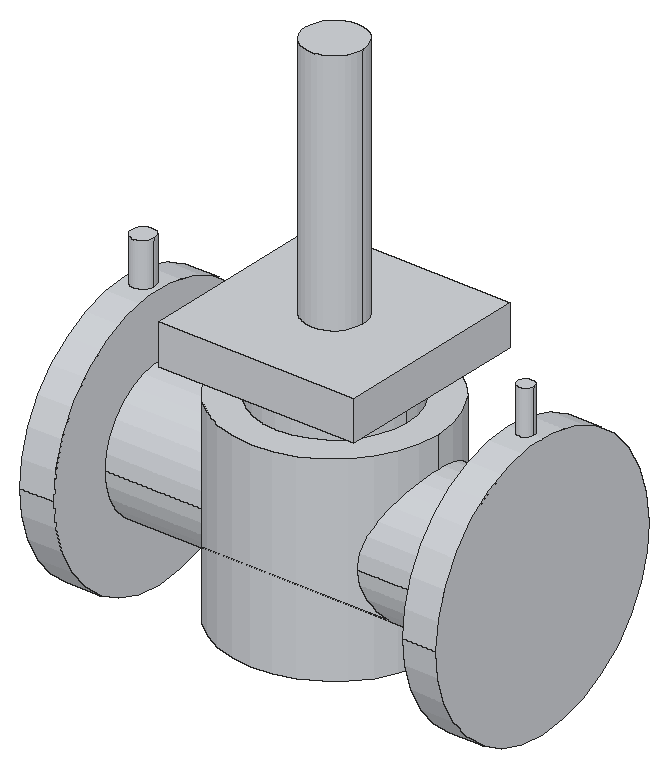
Revit family "OPTIMA_Compact_FLANGE_PN16_DN065-HF_RFA_2018", category Pipe Accessories, Revit 2018
Family settings
  Round Connector Dimension = Use Diameter
  Part Type = Valve - Breaks Into
  Work Plane-Based = No
  Always vertical = Yes
  Cut with Voids When Loaded = No
  Shared = No
Parameters (values of type "Optima Compact Flange PN16 DN065 HF")
  magiProductId = "Frese Optima Flange DN065 HF"
  magiProductFamilyId = "Frese Optima Flange *"
  magiPartTypeId = 304
  isMeasuringValve [instance] = no
  ang2D [instance] = 0.00°
  W2D = 50 mm
  VersionID = "2.0/2018.8.28.1/FRESE_OPTIMA_FLANGE_Q13_002"
  Use Minimum Symbol Size [instance] = yes
  URL = "www.hydronix.cz"
  Type Comments = "Přírubový; PN16; 0~120°C, s měřením"
  R4 = 50.75 mm
  R3 = 48.1 mm
  R1 = 72.5 mm
  QmdConnectorList = "301;D;302;D"
  Productdata [instance] = ""
  Manufacturer = "Hydronix"
  MC Product Code = "53-1211 (DN65 HF; 20mm; pohon min 1000N; Qmin-dpmin 6000l/h-30.0kPa; Qmax-dpmin 35000l/h-55.0kPa; dpmax 800kPa)"
  MC Piping Given Pressure Drop [instance] = 0.0 Pa
  LF__ve = -LF  # -23.2 mm
  LF2 = 11.6 mm
  LF = 23.2 mm
  L4 = 136.3 mm
  L3 = 243.6 mm
  L2D_Min = 3048 mm
  L2D = 230 mm
  L2 = 145 mm
  H6 = 171.25 mm
  H4 = 27.75 mm
  H3 = 23.125 mm
  H2 = 69.375 mm
  H1 = 138.75 mm
  Description = "Tlakově nezávislý 2-cestný regulační vyvažovací ventil (PICV)"
  DF2 = 92.5 mm
  D = 65 mm
  CAT0 = yes
Types (14, lengths in mm): name | magiProductId | magiProductFamilyId | W2D | Type Comments | R4 | R3 | R1 | MC Product Code | LF__ve | LF2 | LF | L4 | L3 | L2D | L2 | H6 | H4 | H3 | H2 | H1 | DF2 | D
  Optima Compact Flange PN16 DN050 LF | "Frese Optima Flange DN050 LF" | "Frese Optima Flange *" | 50 | "Přírubový; PN16; 0~120°C, s měřením" | 40.3 | 42.9 | 57.5 | "53-1200 (DN50 LF; 20mm; pohon min 1000N; Qmin-dpmin 2500l/h-6.5kPa; Qmax-dpmin 15000l/h-20.0kPa; dpmax 800kPa)" | -18.4 | 9.2 | 18.4 | 108.1 | 193.2 | 230 | 115 | 157.3 | 24.8 | 20.6 | 61.9 | 123.8 | 82.5 | 50
  Optima Compact Flange PN16 DN050 HF | "Frese Optima Flange DN050 HF" | "Frese Optima Flange *" | 50 | "Přírubový; PN16; 0~120°C, s měřením" | 40.25 | 42.9 | 57.5 | "53-1210 (DN50 HF; 20mm; pohon min 1000N; Qmin-dpmin 3900l/h-19.0kPa; Qmax-dpmin 24000l/h-50.0kPa; dpmax 800kPa)" | -18.4 | 9.2 | 18.4 | 108.1 | 193.2 | 230 | 115 | 157.25 | 24.75 | 20.625 | 61.875 | 123.75 | 82.5 | 50
  Optima Compact Flange PN16 DN065 LF | "Frese Optima Flange DN065 LF" | "Frese Optima Flange *" | 50 | "Přírubový; PN16; 0~120°C, s měřením" | 50.75 | 48.1 | 72.5 | "53-1201 (DN65 LF; 20mm; pohon min 1000N; Qmin-dpmin 4400l/h-15.0kPa; Qmax-dpmin 25000l/h-25.0kPa; dpmax 800kPa)" | -23.2 | 11.6 | 23.2 | 136.3 | 243.6 | 230 | 145 | 171.25 | 27.75 | 23.125 | 69.375 | 138.75 | 92.5 | 65
  Optima Compact Flange PN16 DN065 HF | "Frese Optima Flange DN065 HF" | "Frese Optima Flange *" | 50 | "Přírubový; PN16; 0~120°C, s měřením" | 50.75 | 48.1 | 72.5 | "53-1211 (DN65 HF; 20mm; pohon min 1000N; Qmin-dpmin 6000l/h-30.0kPa; Qmax-dpmin 35000l/h-55.0kPa; dpmax 800kPa)" | -23.2 | 11.6 | 23.2 | 136.3 | 243.6 | 230 | 145 | 171.25 | 27.75 | 23.125 | 69.375 | 138.75 | 92.5 | 65
  Optima Compact Flange PN16 DN080 LF | "Frese Optima Flange DN080 LF" | "Frese Optima Flange *" | 50 | "Přírubový; PN16; 0~120°C, s měřením" | 54.25 | 52 | 77.5 | "53-1202 (DN80 LF; 20mm; pohon min 1000N; Qmin-dpmin 5300l/h-16.0kPa; Qmax-dpmin 34000l/h-25.0kPa; dpmax 800kPa)" | -24.8 | 12.4 | 24.8 | 145.7 | 260.4 | 230 | 155 | 183 | 30 | 25 | 75 | 150 | 100 | 80
  Optima Compact Flange PN16 DN080 HF | "Frese Optima Flange DN080 HF" | "Frese Optima Flange *" | 50 | "Přírubový; PN16; 0~120°C, s měřením" | 54.25 | 52 | 77.5 | "53-1212 (DN80 HF; 20mm; pohon min 1000N; Qmin-dpmin 7000l/h-23.0kPa; Qmax-dpmin 43000l/h-50.0kPa; dpmax 800kPa)" | -24.8 | 12.4 | 24.8 | 145.7 | 260.4 | 230 | 155 | 183 | 30 | 25 | 75 | 150 | 100 | 80
  Optima Compact Flange PN16 DN100 LF | "Frese Optima Flange DN100 LF" | "Frese Optima Flange *" | 50 | "Přírubový; PN16; 0~120°C, s měřením" | 61.25 | 61.1 | 87.5 | "53-1203 (DN100 LF; 40mm; pohon min 1000N; Qmin-dpmin 12100l/h-20.0kPa; Qmax-dpmin 68000l/h-35.0kPa; dpmax 800kPa)" | -28 | 14 | 28 | 164.5 | 294 | 230 | 175 | 268.75 | 35.25 | 29.375 | 88.125 | 176.25 | 117.5 | 100
  Optima Compact Flange PN16 DN100 HF | "Frese Optima Flange DN100 HF" | "Frese Optima Flange *" | 50 | "Přírubový; PN16; 0~120°C, s měřením" | 61.25 | 61.1 | 87.5 | "53-1213 (DN100 HF; 40mm; pohon min 1000N; Qmin-dpmin 14800l/h-30.0kPa; Qmax-dpmin 90000l/h-75.0kPa; dpmax 800kPa)" | -28 | 14 | 28 | 164.5 | 294 | 230 | 175 | 268.75 | 35.25 | 29.375 | 88.125 | 176.25 | 117.5 | 100
  Optima Compact Flange PN16 DN125 LF | "Frese Optima Flange DN125 LF" | "Frese Optima Flange *" | 50 | "Přírubový; PN16; 0~120°C, s měřením" | 70 | 70.2 | 100 | "53-1204 (DN125 LF; 40mm; pohon min 1000N; Qmin-dpmin 18500l/h-16.0kPa; Qmax-dpmin 110000l/h-35.0kPa; dpmax 800kPa)" | -32 | 16 | 32 | 188 | 336 | 230 | 200 | 275.5 | 40.5 | 33.75 | 101.25 | 202.5 | 135 | 125
  Optima Compact Flange PN16 DN125 HF | "Frese Optima Flange DN125 HF" | "Frese Optima Flange *" | 50 | "Přírubový; PN16; 0~120°C, s měřením" | 70 | 70.2 | 100 | "53-1214 (DN125 HF; 40mm; pohon min 1000N; Qmin-dpmin 23000l/h-27.0kPa; Qmax-dpmin 135000l/h-53.0kPa; dpmax 800kPa)" | -32 | 16 | 32 | 188 | 336 | 230 | 200 | 275.5 | 40.5 | 33.75 | 101.25 | 202.5 | 135 | 125
  Optima Compact Flange PN16 DN150 LF | "Frese Optima Flange DN150 LF" | "Frese Optima Flange *" | 50 | "Přírubový; PN16; 0~110°C, s měřením" | 84 | 74.1 | 120 | "53-1205 (DN150 LF; 43mm; pohon min 1500N; Qmin-dpmin 25600l/h-21.0kPa; Qmax-dpmin 148000l/h-35.0kPa; dpmax 800kPa)" | -38.4 | 19.2 | 38.4 | 225.6 | 403.2 | 230 | 240 | 279.25 | 42.75 | 35.625 | 106.875 | 213.75 | 142.5 | 150
  Optima Compact Flange PN16 DN150 HF | "Frese Optima Flange DN150 HF" | "Frese Optima Flange *" | 50 | "Přírubový; PN16; 0~110°C, s měřením" | 84 | 74.1 | 120 | "53-1215 (DN150 HF; 43mm; pohon min 1500N; Qmin-dpmin 32000l/h-33.0kPa; Qmax-dpmin 195000l/h-65.0kPa; dpmax 800kPa)" | -38.4 | 19.2 | 38.4 | 225.6 | 403.2 | 230 | 240 | 279.25 | 42.75 | 35.625 | 106.875 | 213.75 | 142.5 | 150
  Optima Compact Flange PN16 DN200 LF | "" | "" | 100 | "Přírubový; PN16; 0~110°C, s měřením" | 164.5 | 98.8 | 235 | "53-1206 (DN200 LF; 43mm; pohon min 1500N; Qmin-dpmin 95000l/h-11.0kPa; Qmax-dpmin 210000l/h-32.0kPa; dpmax 800kPa)" | -48 | 24 | 48 | 282 | 504 | 350 | 300 | 281 | 57 | 15 | 209 | 380 | 190 | 200
  Optima Compact Flange PN16 DN200 HF | "" | "" | 100 | "Přírubový; PN16; 0~110°C, s měřením" | 164.5 | 98.8 | 235 | "53-1216 (DN200 HF; 43mm; pohon min 1500N; Qmin-dpmin 130000l/h-31.0kPa; Qmax-dpmin 280000l/h-78.0kPa; dpmax 800kPa)" | -48 | 24 | 48 | 282 | 504 | 350 | 300 | 281 | 57 | 15 | 209 | 380 | 190 | 200
Reference planes
  plane 1 "Center (Front/Back)": y = 0
  plane 2 "XYPLANE": z = 0
  plane 3 "Center (Left/Right)": x = 0
  plane 4 "157": x = 133.4
  plane 5 "156": x = -133.4
  plane 6 "155": z = 92.5
  plane 7 "154": z = 120.25
  plane 8 "153": z = 92.5
  plane 9 "152": z = 69.375
  plane 10 "151": x = -121.8
  plane 11 "150": z = -69.375
  plane 12 "149": x = 0
  plane 13 "148": y = 0
  plane 14 "147": z = 0
  plane 15 "146": x = -145
  plane 16 "145": x = 145
Forms (mm)
  Extrusion 1, solid, visible <- "CAT0"
    sketch origin (-750, 0, 92.5) x (1, 0, 0) y (0, 1, 0)
      loop
        circle (883.4, 0) r 5.5
    from 0 to 30
  Extrusion 2, solid, visible <- "CAT0"
    sketch origin (-750, 0, 92.5) x (1, 0, 0) y (0, 1, 0)
      loop
        circle (616.6, 0) r 7.9
    from 0 to 30
  Extrusion 3, solid, visible <- "CAT0"
    sketch origin (-750, 0, 120.25) x (1, 0, 0) y (0, 1, 0)
      loop
        circle (750, 0) r 20
    from 0 to 171.25 <- "H6"
  Extrusion 4, solid, visible <- "CAT0"
    sketch origin (-750, 0, 92.5) x (1, 0, 0) y (0, 1, 0)
      loop
        line (818.15, 68.15) -> (681.85, 68.15) -> (681.85, -68.15) -> (818.15, -68.15) -> (818.15, 68.15)
    from 0 to 27.75 <- "H4"
  Extrusion 5, solid, visible <- "CAT0"
    sketch origin (-750, 0, 69.375) x (1, 0, 0) y (0, 1, 0)
      loop
        circle (750, 0) r 50.75
    from 0 to 23.125 <- "H3"
  Extrusion 6, solid, visible <- "CAT0"
    sketch origin (-121.8, -750, 0) x (0, 1, 0) y (0, 0, 1)
      loop
        circle (750, 0) r 48.1
    from 0 to 243.6 <- "L3"
  Extrusion 7, solid, visible <- "CAT0"
    sketch origin (-750, 0, -69.375) x (1, 0, 0) y (0, 1, 0)
      loop
        circle (750, 0) r 72.5
    from 0 to 138.75 <- "H1"
  Extrusion 8, solid, visible <- "CAT0"
    sketch origin (-145, -750, 0) x (0, 1, 0) y (0, 0, 1)
      loop
        circle (750, 0) r 92.5
    from 0 to 23.2 <- "LF"
  Extrusion 9, solid, visible <- "CAT0"
    sketch origin (145, -750, 0) x (0, 1, 0) y (0, 0, 1)
      loop
        circle (750, 0) r 92.5
    from 0 to -23.2 <- "LF__ve"
  Extrusion 10, solid, not visible
    sketch origin (-145, -750, 0) x (0, 1, 0) y (0, 0, 1)
      loop
        circle (750, 0) r 10
    from 0 to 10
  Extrusion 11, solid, not visible
    sketch origin (145, -750, 0) x (0, 1, 0) y (0, 0, 1)
      loop
        circle (750, 0) r 10
    from 0 to -10
Lines and regions (mm)
  reference lines, not visible
    curve 1: circle (2, 2, 0) r 1 normal (0, 0, 1)
  reference lines
    curve 2: circle (0, 0, 92.5) r 1 normal (0, 0, 1)
Dimensions and locks
  plane 1 "Center (Front/Back)" to curve 1 = 2 mm
  "LF2": plane 16 "145" to plane 4 "157"
  "LF2": plane 15 "146" to plane 5 "156"
  "DF2": plane 2 "XYPLANE" to plane 6 "155"
  "H4": plane 8 "153" to plane 7 "154"
  "H3": plane 9 "152" to plane 8 "153"
  "H1": plane 11 "150" to plane 9 "152"
  "LF": plane 15 "146" to plane 10 "151"
  "H2": plane 2 "XYPLANE" to plane 11 "150"
  locked: plane 3 "Center (Left/Right)" to plane 12 "149"
  locked: plane 1 "Center (Front/Back)" to plane 13 "148"
  locked: plane 2 "XYPLANE" to plane 14 "147"
  "L2": plane 3 "Center (Left/Right)" to plane 15 "146"
  "L2": plane 3 "Center (Left/Right)" to plane 16 "145"
  equal spacing: Extrusion 4 sketch curve, curve 2, Extrusion 4 sketch curve  (x2)
  "L4": Extrusion 4 sketch curve to Extrusion 4 sketch curve  (x2)
  Extrusion 4 sketch curve to Extrusion 4 sketch curve = 0 mm  (x8)
  "R4": radius of Extrusion 5 sketch curve
  "R3": radius of Extrusion 6 sketch curve
  "R1": radius of Extrusion 7 sketch curve
  "DF2": radius of Extrusion 8 sketch curve
  "DF2": radius of Extrusion 9 sketch curve
  aligned and locked: level to plane 2 "XYPLANE"
  aligned and locked: plane 4 "157" to Extrusion 1 sketch curve
  aligned and locked: plane 13 "148" to Extrusion 1 sketch curve
  aligned and locked: plane 5 "156" to Extrusion 2 sketch curve
  aligned and locked: plane 13 "148" to Extrusion 2 sketch curve
  aligned and locked: plane 12 "149" to Extrusion 3 sketch curve
  aligned and locked: plane 13 "148" to Extrusion 3 sketch curve
  aligned and locked: plane 12 "149" to curve 2
  aligned and locked: plane 13 "148" to curve 2
  aligned and locked: plane 12 "149" to Extrusion 5 sketch curve
  aligned and locked: plane 13 "148" to Extrusion 5 sketch curve
  aligned and locked: Extrusion 6 sketch curve to plane 13 "148"
  aligned and locked: plane 14 "147" to Extrusion 6 sketch curve
  aligned and locked: plane 12 "149" to Extrusion 7 sketch curve
  aligned and locked: plane 13 "148" to Extrusion 7 sketch curve
  aligned and locked: Extrusion 8 sketch curve to plane 13 "148"
  aligned and locked: plane 14 "147" to Extrusion 8 sketch curve
  aligned and locked: Extrusion 9 sketch curve to plane 13 "148"
  aligned and locked: plane 14 "147" to Extrusion 9 sketch curve
  aligned and locked: Extrusion 10 sketch curve to plane 13 "148"
  aligned and locked: plane 14 "147" to Extrusion 10 sketch curve
  aligned and locked: Extrusion 11 sketch curve to plane 13 "148"
  aligned and locked: plane 14 "147" to Extrusion 11 sketch curve
Automatic sketch dimensions
  Extrusion 1 sketch curve to plane 4 "157" = 5.5 mm
  plane 15 "146" to Extrusion 2 sketch curve = 3.7 mm
  Extrusion 3 sketch curve to plane 3 "Center (Left/Right)" = 20 mm
  plane 1 "Center (Front/Back)" to Extrusion 10 sketch curve = 10 mm
  plane 1 "Center (Front/Back)" to Extrusion 11 sketch curve = 10 mm
  plane 3 "Center (Left/Right)" to curve 1 = 2 mm
  plane 10 "151" to Extrusion 4 sketch curve = 53.65 mm
  plane 1 "Center (Front/Back)" to Extrusion 4 sketch curve = 68.15 mm
  radius of curve 2 = 1 mm
  radius of curve 1 = 1 mm
Connectors
  piping at (-145, 0, 0), diameter 65, driven by "D"
    settings: on Extrusion 10, index 1, connector inside diameter 609.6 mm, connector length 0 mm, flow factor 0, pipe flow 0.0 L/s, pressure drop 0.0 Pa, fitting loss kfactor 0, connector angle 0.00°, fixture units 0, engagement length 0 mm, angle of deflection 0.00°, flow configuration 0, flow direction 0, fitting loss method 0, system type 29, joint type 0, gender type 0, connector reference index 2, connector utility 0, adjustable connector no, is connector primary yes, connector description ""
  piping at (145, 0, 0), diameter 65, driven by "D"
    settings: on Extrusion 11, index 2, connector inside diameter 609.6 mm, connector length 0 mm, flow factor 0, pipe flow 0.0 L/s, pressure drop 0.0 Pa, fitting loss kfactor 0, connector angle 0.00°, fixture units 0, engagement length 0 mm, angle of deflection 0.00°, flow configuration 0, flow direction 0, fitting loss method 0, system type 29, joint type 0, gender type 0, connector reference index 1, connector utility 0, adjustable connector no, is connector primary no, connector description ""
